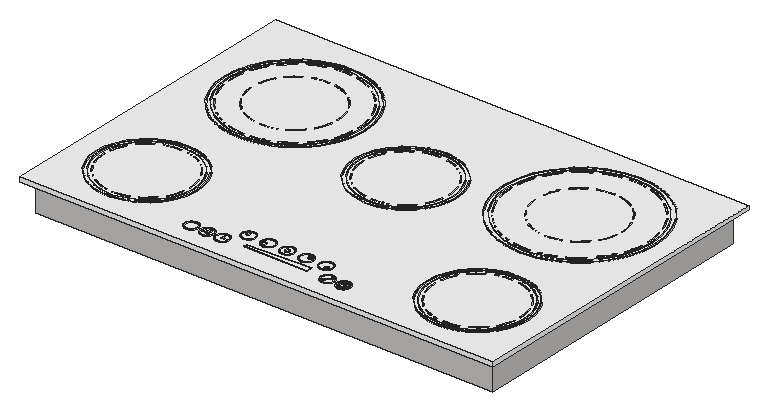
Revit family "QF_Summit_CR5B30T8W_5-Burner Radiant Cooktop", category Specialty Equipment, Revit 2020 (continued)
Forms (in)
  Extrusion 2, solid, material "QF_Plastic_White_Smooth"
    sketch origin (-1.19104, -180, 1.88) x (-1, 0, 0) y (0, -1, 0)
      loop
        arc (-29.71755, -174.97018) -> (-29.80587, -174.46391) -> (-29.83424, -173.95077) r 4.37679
      loop
        line (-29.56464, -172.45371) -> (-29.59396, -172.44291)
        arc (-29.59396, -172.44291) -> (-29.74482, -172.94171) -> (-29.83576, -173.45482) r 4.40804
        line (-29.83576, -173.45482) -> (-29.80472, -173.45844)
        arc (-29.80472, -173.45844) -> (-29.71442, -172.94897) -> (-29.56464, -172.45371) r 4.37679
      loop
        line (-29.41085, -172.01637) -> (-29.38282, -172.03019)
        arc (-29.38282, -172.03019) -> (-29.11629, -171.5642) -> (-28.79471, -171.13435) r 4.37679
        line (-28.79471, -171.13435) -> (-28.81688, -171.11218)
        arc (-28.81688, -171.11218) -> (-29.14171, -171.54598) -> (-29.41085, -172.01637) r 4.40804
      loop
        line (-28.49409, -170.77088) -> (-28.47199, -170.79298)
        arc (-28.47199, -170.79298) -> (-28.07295, -170.4568) -> (-27.63674, -170.17049) r 4.37679
        line (-27.63674, -170.17049) -> (-27.6523, -170.14339)
        arc (-27.6523, -170.14339) -> (-28.09195, -170.43198) -> (-28.49409, -170.77088) r 4.40804
      loop
        line (-27.23923, -169.93426) -> (-27.2266, -169.96284)
        arc (-27.2266, -169.96284) -> (-26.73196, -169.77903) -> (-26.2188, -169.65608) r 4.37679
        line (-26.2188, -169.65608) -> (-26.22423, -169.62531)
        arc (-26.22423, -169.62531) -> (-26.74106, -169.74914) -> (-27.23923, -169.93426) r 4.40804
      loop
        line (-25.77639, -169.56966) -> (-25.77639, -169.601)
        arc (-25.77639, -169.601) -> (-25.23488, -169.59503) -> (-24.69677, -169.65597) r 4.37679
        line (-24.69677, -169.65597) -> (-24.69134, -169.6252)
        arc (-24.69134, -169.6252) -> (-25.23215, -169.56387) -> (-25.77639, -169.56966) r 4.40804
      loop
        line (-24.24888, -169.72703) -> (-24.25745, -169.75709)
        arc (-24.25745, -169.75709) -> (-23.76119, -169.93144) -> (-23.28943, -170.16406) r 4.37679
        line (-23.28943, -170.16406) -> (-23.27395, -170.13691)
        arc (-23.27395, -170.13691) -> (-23.74908, -169.90263) -> (-24.24888, -169.72703) r 4.40804
      loop
        line (-22.88281, -170.38817) -> (-22.90106, -170.41354)
        arc (-22.90106, -170.41354) -> (-22.48301, -170.75541) -> (-22.11024, -171.14617) r 4.37679
        line (-22.11024, -171.14617) -> (-22.08806, -171.12399)
        arc (-22.08806, -171.12399) -> (-22.46275, -170.73158) -> (-22.88281, -170.38817) r 4.40804
      loop
        line (-21.34009, -172.48176) -> (-21.31069, -172.47116)
        arc (-21.31069, -172.47116) -> (-21.5263, -171.97198) -> (-21.80173, -171.50315) r 4.40804
        line (-21.80173, -171.50315) -> (-21.82765, -171.52061)
        arc (-21.82765, -171.52061) -> (-21.55417, -171.98612) -> (-21.34009, -172.48176) r 4.37679
      loop
        line (-23.11564, -175.34724) -> (-23.08872, -175.36311)
        arc (-23.08872, -175.36311) -> (-22.88069, -174.92672) -> (-22.7523, -174.46065) r 2.75
        line (-22.7523, -174.46065) -> (-22.78304, -174.45503)
        arc (-22.78304, -174.45503) -> (-22.90997, -174.91581) -> (-23.11564, -175.34724) r 2.71875
      loop
        line (-22.74401, -173.79661) -> (-22.7127, -173.79661)
        arc (-22.7127, -173.79661) -> (-22.76384, -173.41224) -> (-22.86852, -173.03889) r 2.75
        line (-22.86852, -173.03889) -> (-22.89794, -173.04942)
        arc (-22.89794, -173.04942) -> (-22.79464, -173.41759) -> (-22.74401, -173.79661) r 2.71875
      loop
        line (-23.70105, -171.85015) -> (-23.72101, -171.87419)
        arc (-23.72101, -171.87419) -> (-23.36969, -172.22467) -> (-23.08793, -172.63316) r 2.71875
        line (-23.08793, -172.63316) -> (-23.06069, -172.61784)
        arc (-23.06069, -172.61784) -> (-23.34569, -172.20465) -> (-23.70105, -171.85015) r 2.75
      loop
        line (-24.98486, -171.25707) -> (-24.99023, -171.28785)
        arc (-24.99023, -171.28785) -> (-24.51498, -171.41599) -> (-24.07063, -171.62772) r 2.71875
        line (-24.07063, -171.62772) -> (-24.05468, -171.60084)
        arc (-24.05468, -171.60084) -> (-24.50415, -171.38668) -> (-24.98486, -171.25707) r 2.75
      loop
        line (-26.39713, -171.38167) -> (-26.38645, -171.41104)
        arc (-26.38645, -171.41104) -> (-25.91966, -171.28698) -> (-25.43827, -171.24747) r 2.71875
        line (-25.43827, -171.24747) -> (-25.43827, -171.21622)
        arc (-25.43827, -171.21622) -> (-25.92508, -171.2562) -> (-26.39713, -171.38167) r 2.75
      loop
        line (-27.56589, -172.20063) -> (-27.54371, -172.22282)
        arc (-27.54371, -172.22282) -> (-27.20234, -171.8812) -> (-26.80591, -171.60537) r 2.71875
        line (-26.80591, -171.60537) -> (-26.82141, -171.57823)
        arc (-26.82141, -171.57823) -> (-27.22132, -171.85633) -> (-27.56589, -172.20063) r 2.75
      loop
        line (-28.17064, -173.51756) -> (-28.13981, -173.52266)
        arc (-28.13981, -173.52266) -> (-28.01487, -173.04348) -> (-27.80509, -172.59492) r 2.71875
        line (-27.80509, -172.59492) -> (-27.83208, -172.57916)
        arc (-27.83208, -172.57916) -> (-28.04427, -173.03288) -> (-28.17064, -173.51756) r 2.75
      loop
        line (-28.03039, -174.93702) -> (-28.00116, -174.92599)
        arc (-28.00116, -174.92599) -> (-28.1321, -174.45399) -> (-28.17622, -173.96615) r 2.71875
        line (-28.17622, -173.96615) -> (-28.20747, -173.96615)
        arc (-28.20747, -173.96615) -> (-28.16284, -174.45959) -> (-28.03039, -174.93702) r 2.75
      loop
        line (-27.18309, -176.10736) -> (-27.16348, -176.08302)
        arc (-27.16348, -176.08302) -> (-27.53449, -175.72046) -> (-27.82988, -175.29404) r 2.71875
        line (-27.82988, -175.29404) -> (-27.85715, -175.3093)
        arc (-27.85715, -175.3093) -> (-27.55836, -175.74063) -> (-27.18309, -176.10736) r 2.75
      loop
        line (-25.90779, -176.67903) -> (-25.90267, -176.6482)
        arc (-25.90267, -176.6482) -> (-26.38524, -176.5217) -> (-26.83658, -176.30916) r 2.71875
        line (-26.83658, -176.30916) -> (-26.85243, -176.33609)
        arc (-26.85243, -176.33609) -> (-26.39591, -176.55108) -> (-25.90779, -176.67903) r 2.75
      loop
        line (-25.52061, -176.68417) -> (-25.52061, -176.71543)
        arc (-25.52061, -176.71543) -> (-25.00022, -176.67787) -> (-24.49628, -176.5427) r 2.75
        line (-24.49628, -176.5427) -> (-24.5072, -176.51342)
        arc (-24.5072, -176.51342) -> (-25.00577, -176.64712) -> (-25.52061, -176.68417) r 2.71875
      loop
        line (-24.10736, -176.32598) -> (-24.09184, -176.35311)
        arc (-24.09184, -176.35311) -> (-23.68495, -176.06869) -> (-23.33583, -175.71576) r 2.75
        line (-23.33583, -175.71576) -> (-23.35993, -175.69587)
        arc (-23.35993, -175.69587) -> (-23.70509, -176.0448) -> (-24.10736, -176.32598) r 2.71875
      loop
        circle (-26.91382, -163.96941) r 3.25
      loop
        circle (-26.91382, -163.96941) r 3.1875
      loop
        circle (-26.91382, -163.96941) r 3.01918
      loop
        circle (-26.91382, -163.96941) r 2.98793
      loop
        line (-28.68474, -166.10724) -> (-28.66255, -166.08504)
        arc (-28.66255, -166.08504) -> (-29.02055, -165.72885) -> (-29.30724, -165.31309) r 2.7448
        line (-29.30724, -165.31309) -> (-29.33449, -165.32839)
        arc (-29.33449, -165.32839) -> (-29.04549, -165.74774) -> (-28.68474, -166.10724) r 2.77605
      loop
        line (-29.52935, -164.89972) -> (-29.49991, -164.88925)
        arc (-29.49991, -164.88925) -> (-29.62036, -164.42616) -> (-29.65855, -163.9492) r 2.7448
        line (-29.65855, -163.9492) -> (-29.6898, -163.9492)
        arc (-29.6898, -163.9492) -> (-29.65115, -164.43148) -> (-29.52935, -164.89972) r 2.77605
      loop
        line (-29.64965, -163.49854) -> (-29.61885, -163.50384)
        arc (-29.61885, -163.50384) -> (-29.49229, -163.02843) -> (-29.2829, -162.58326) r 2.7448
        line (-29.2829, -162.58326) -> (-29.30987, -162.56748)
        arc (-29.30987, -162.56748) -> (-29.52165, -163.01772) -> (-29.64965, -163.49854) r 2.77605
      loop
        line (-29.04187, -162.18675) -> (-29.01969, -162.20893)
        arc (-29.01969, -162.20893) -> (-28.68198, -161.86999) -> (-28.29055, -161.59484) r 2.7448
        line (-28.29055, -161.59484) -> (-28.30622, -161.56781)
        arc (-28.30622, -161.56781) -> (-28.70104, -161.84519) -> (-29.04187, -162.18675) r 2.77605
      loop
        line (-27.87922, -161.36663) -> (-27.86835, -161.39592)
        arc (-27.86835, -161.39592) -> (-27.40398, -161.26873) -> (-26.92453, -161.22463) r 2.7448
        line (-26.92453, -161.22463) -> (-26.92453, -161.19338)
        arc (-26.92453, -161.19338) -> (-27.4095, -161.23797) -> (-27.87922, -161.36663) r 2.77605
      loop
        line (-26.49026, -161.22586) -> (-26.49503, -161.25674)
        arc (-26.49503, -161.25674) -> (-25.98423, -161.38681) -> (-25.50771, -161.61212) r 2.7448
        line (-25.50771, -161.61212) -> (-25.4917, -161.58529)
        arc (-25.4917, -161.58529) -> (-25.97365, -161.35741) -> (-26.49026, -161.22586) r 2.77605
      loop
        line (-25.14856, -161.82691) -> (-25.17076, -161.84911)
        arc (-25.17076, -161.84911) -> (-24.80855, -162.20822) -> (-24.51904, -162.62815) r 2.7448
        line (-24.51904, -162.62815) -> (-24.49178, -162.61288)
        arc (-24.49178, -162.61288) -> (-24.7836, -162.18934) -> (-25.14856, -161.82691) r 2.77605
      loop
        line (-24.30689, -163.01529) -> (-24.33623, -163.02603)
        arc (-24.33623, -163.02603) -> (-24.20809, -163.50792) -> (-24.16925, -164.00505) r 2.7448
        line (-24.16925, -164.00505) -> (-24.138, -164.00505)
        arc (-24.138, -164.00505) -> (-24.17732, -163.50247) -> (-24.30689, -163.01529) r 2.77605
      loop
        line (-24.17765, -164.43824) -> (-24.20845, -164.43296)
        arc (-24.20845, -164.43296) -> (-24.33629, -164.91294) -> (-24.54854, -165.36203) r 2.7448
        line (-24.54854, -165.36203) -> (-24.52161, -165.37788)
        arc (-24.52161, -165.37788) -> (-24.30694, -164.92369) -> (-24.17765, -164.43824) r 2.77605
      loop
        line (-24.77796, -165.74269) -> (-24.802, -165.72273)
        arc (-24.802, -165.72273) -> (-25.13819, -166.06251) -> (-25.52822, -166.33881) r 2.7448
        line (-25.52822, -166.33881) -> (-25.51245, -166.36578)
        arc (-25.51245, -166.36578) -> (-25.11797, -166.08634) -> (-24.77796, -165.74269) r 2.77605
      loop
        line (-25.95488, -166.57458) -> (-25.96568, -166.54525)
        arc (-25.96568, -166.54525) -> (-26.44703, -166.67423) -> (-26.94377, -166.71405) r 2.7448
        line (-26.94377, -166.71405) -> (-26.94377, -166.7453)
        arc (-26.94377, -166.7453) -> (-26.44155, -166.70499) -> (-25.95488, -166.57458) r 2.77605
      loop
        line (-27.41462, -166.69992) -> (-27.40899, -166.66918)
        arc (-27.40899, -166.66918) -> (-27.87154, -166.54171) -> (-28.30483, -166.33564) r 2.7448
        line (-28.30483, -166.33564) -> (-28.32067, -166.36258)
        arc (-28.32067, -166.36258) -> (-27.88244, -166.57099) -> (-27.41462, -166.69992) r 2.77605
    from 0 to 0.25
  Extrusion 3, solid, material "QF_Metal_Stainless_Polished"
    sketch origin (-2.73972, -180, 0) x (0, -1, 0) y (-1, 0, 0)
      loop
        line (-160.1875, -3.30222) -> (-179.3125, -3.30222) -> (-179.3125, -32.42722) -> (-160.1875, -32.42722) -> (-160.1875, -3.30222)
    from 0 to -0.0625
  Extrusion 4, solid, material "QF_Metal_Stainless_Polished"
    sketch origin (-12.87514, 0, 0) x (1, 0, 0) y (0, 1, 0)
      loop
        circle (28.00014, -0.98525) r 0.125
    from 0 to -1
  Extrusion 5, solid, material "QF_Metal_Stainless_Polished"
    sketch origin (-2.73972, -180, -0.12) x (-1, 0, 0) y (0, -1, 0)
      loop
        line (-3.23972, -179.375) -> (-3.23972, -160.125) -> (-32.48972, -160.125) -> (-32.48972, -179.375) -> (-3.23972, -179.375)
      loop
        line (-3.30222, -160.1875) -> (-32.42722, -160.1875) -> (-32.42722, -179.3125) -> (-3.30222, -179.3125) -> (-3.30222, -160.1875)
    from 0.12 to 2
  Extrusion 6, solid, material "QF_Plastic_White_Smooth"
    sketch origin (1.30896, -180, 1.88) x (-1, 0, 0) y (0, -1, 0)
      loop
        circle (-11.33221, -161.9833) r 0.42869
      loop
        circle (-11.33221, -161.9833) r 0.39744
      loop
        circle (-11.17116, -162.14539) r 0.13534
      loop
        circle (-12.43549, -161.82122) r 0.13534
      loop
        circle (-12.59654, -161.9833) r 0.39744
      loop
        circle (-12.59654, -161.9833) r 0.42869
      loop
        circle (-13.81604, -161.9833) r 0.42869
      loop
        circle (-13.81604, -161.9833) r 0.39744
      loop
        circle (-13.81604, -161.9833) r 0.13534
      loop
        circle (-15.03553, -161.9833) r 0.42869
      loop
        circle (-15.03553, -161.9833) r 0.39744
      loop
        circle (-15.19659, -162.14539) r 0.13534
      loop
        circle (-16.29986, -161.9833) r 0.42869
      loop
        circle (-16.29986, -161.9833) r 0.39744
      loop
        circle (-16.46092, -161.82122) r 0.13534
      loop
        circle (-8.46353, -160.98371) r 0.42869
      loop
        circle (-8.46353, -160.98371) r 0.36619
      loop
        circle (-9.46353, -160.98371) r 0.42869
      loop
        circle (-9.46353, -160.98371) r 0.39744
      loop
        line (-9.22936, -161.13767) -> (-9.22936, -160.86031) -> (-9.47955, -160.99899) -> (-9.22936, -161.13767)
      loop
        line (-9.50568, -160.81214) -> (-9.63429, -160.81214) -> (-9.63429, -161.18585) -> (-9.50568, -161.18585) -> (-9.50568, -160.81214)
      loop
        circle (-10.45771, -160.98371) r 0.42869
      loop
        circle (-10.45771, -160.98371) r 0.39744
      loop
        line (-10.40642, -160.93163) -> (-10.78511, -160.9984) -> (-10.47595, -161.02545) -> (-10.44014, -161.31706) -> (-10.40642, -160.93163)
      loop
        line (-15.85973, -160.96725) -> (-15.85973, -161.38465) -> (-11.82904, -161.18247) -> (-11.82904, -160.96725) -> (-15.85973, -160.96725)
      loop
        circle (-17.19862, -160.98371) r 0.42869
      loop
        circle (-17.19862, -160.98371) r 0.39744
      loop
        line (-16.95826, -160.78859) -> (-17.00229, -160.74456) -> (-17.36411, -161.10638)
        arc (-17.36411, -161.10638) -> (-17.43915, -161.22545) -> (-17.32008, -161.15041) r 0.07216
        line (-17.32008, -161.15041) -> (-16.95826, -160.78859)
      loop
        circle (-18.22179, -160.98371) r 0.42869
      loop
        circle (-18.22179, -160.98371) r 0.36619
      loop
        line (-18.26744, -161.2295) -> (-18.26744, -161.31685) -> (-18.17614, -161.31685) -> (-18.17614, -161.2295)
        arc (-18.17614, -161.2295) -> (-18.22179, -160.73371) -> (-18.26744, -161.2295) r 0.25
      loop
        arc (-18.17614, -161.16556) -> (-18.22179, -160.79621) -> (-18.26744, -161.16556) r 0.1875
        line (-18.26744, -161.16556) -> (-18.26744, -161.03933) -> (-18.17614, -161.03933) -> (-18.17614, -161.16556)
    from 0 to 0.25
Lines and regions (in)
  symbolic lines
    curve 1: line (0, 0, 0) -> (0, -20.5, 0)
    curve 2: line (0, -20.5, 0) -> (30.25, -20.5, 0)
    curve 3: line (30.25, -20.5, 0) -> (30.25, 0, 0)
    curve 4: line (30.25, 0, 0) -> (0, 0, 0)
    curve 5: arc (10.51644, -6.03385, 0) -> (6.01644, -1.53385, 0) -> (1.51644, -6.03385, 0) r 4.5
    curve 6: arc (1.51644, -6.03385, 0) -> (6.01644, -10.53385, 0) -> (10.51644, -6.03385, 0) r 4.5
    curve 7: arc (10.45394, -6.03385, 0) -> (6.01644, -1.59635, 0) -> (1.57894, -6.03385, 0) r 4.4375
    curve 8: arc (1.57894, -6.03385, 0) -> (6.01644, -10.47135, 0) -> (10.45394, -6.03385, 0) r 4.4375
    curve 9: arc (10.26644, -6.03385, 0) -> (6.01644, -1.78385, 0) -> (1.76644, -6.03385, 0) r 4.25
    curve 10: arc (1.76644, -6.03385, 0) -> (6.01644, -10.28385, 0) -> (10.26644, -6.03385, 0) r 4.25
    curve 11: arc (10.23519, -6.03385, 0) -> (6.01644, -1.8151, 0) -> (1.79769, -6.03385, 0) r 4.21875
    curve 12: arc (1.79769, -6.03385, 0) -> (6.01644, -10.2526, 0) -> (10.23519, -6.03385, 0) r 4.21875
    curve 13: arc (2.02734, -6.78543, 0) -> (2.15398, -7.28252, 0) -> (2.3423, -7.75968, 0) r 4.05928
    curve 14: line (2.3423, -7.75968, 0) -> (2.37059, -7.74639, 0)
    curve 15: arc (2.37059, -7.74639, 0) -> (2.18372, -7.27291, 0) -> (2.05805, -6.77964, 0) r 4.02803
    curve 16: line (2.05805, -6.77964, 0) -> (2.02734, -6.78543, 0)
    curve 17: arc (2.0379, -5.22825, 0) -> (1.96666, -5.75623, 0) -> (1.96518, -6.289, 0) r 4.05928
    curve 18: line (1.96518, -6.289, 0) -> (1.9965, -6.289, 0)
    curve 19: arc (1.9965, -6.289, 0) -> (1.99777, -5.75935, 0) -> (2.06853, -5.23445, 0) r 4.02803
    curve 20: line (2.06853, -5.23445, 0) -> (2.0379, -5.22825, 0)
    curve 21: arc (2.58802, -3.86044, 0) -> (2.34102, -4.31075, 0) -> (2.15286, -4.78863, 0) r 4.05928
    curve 22: line (2.15286, -4.78863, 0) -> (2.18261, -4.79822, 0)
    curve 23: arc (2.18261, -4.79822, 0) -> (2.36932, -4.32401, 0) -> (2.61441, -3.87718, 0) r 4.02803
    curve 24: line (2.61441, -3.87718, 0) -> (2.58802, -3.86044, 0)
    curve 25: arc (3.60186, -2.77079, 0) -> (3.20018, -3.11042, 0) -> (2.8458, -3.49913, 0) r 4.05928
    curve 26: line (2.8458, -3.49913, 0) -> (2.87021, -3.51864, 0)
    curve 27: arc (2.87021, -3.51864, 0) -> (3.22186, -3.13292, 0) -> (3.62045, -2.79591, 0) r 4.02803
    curve 28: line (3.62045, -2.79591, 0) -> (3.60186, -2.77079, 0)
    curve 29: arc (4.92603, -2.12376, 0) -> (4.45199, -2.28815, 0) -> (4.00185, -2.50976, 0) r 4.05928
    curve 30: line (4.00185, -2.50976, 0) -> (4.01736, -2.53689, 0)
    curve 31: arc (4.01736, -2.53689, 0) -> (4.46403, -2.31698, 0) -> (4.93442, -2.15386, 0) r 4.02803
    curve 32: line (4.93442, -2.15386, 0) -> (4.92603, -2.12376, 0)
    curve 33: arc (6.45969, -1.99884, 0) -> (5.93001, -1.97549, 0) -> (5.40181, -2.02137, 0) r 4.05928
    curve 34: line (5.40181, -2.02137, 0) -> (5.40654, -2.05226, 0)
    curve 35: arc (5.40654, -2.05226, 0) -> (5.93068, -2.00673, 0) -> (6.45627, -2.0299, 0) r 4.02803
    curve 36: line (6.45627, -2.0299, 0) -> (6.45969, -1.99884, 0)
    curve 37: arc (7.87757, -2.42636, 0) -> (7.38836, -2.21343, 0) -> (6.87545, -2.0665, 0) r 4.05928
    curve 38: line (6.87545, -2.0665, 0) -> (6.86884, -2.09704, 0)
    curve 39: arc (6.86884, -2.09704, 0) -> (7.3778, -2.24284, 0) -> (7.86324, -2.45414, 0) r 4.02803
    curve 40: line (7.86324, -2.45414, 0) -> (7.87757, -2.42636, 0)
    curve 41: arc (9.01773, -3.30072, 0) -> (8.66956, -2.9616, 0) -> (8.28335, -2.66653, 0) r 4.05928
    curve 42: line (8.28335, -2.66653, 0) -> (8.2659, -2.69245, 0)
    curve 43: arc (8.2659, -2.69245, 0) -> (8.64969, -2.98573, 0) -> (8.99561, -3.32284, 0) r 4.02803
    curve 44: line (8.99561, -3.32284, 0) -> (9.01773, -3.30072, 0)
    curve 45: arc (9.80647, -4.5801, 0) -> (9.5899, -4.1082, 0) -> (9.31486, -3.66781, 0) r 4.05928
    curve 46: line (9.31486, -3.66781, 0) -> (9.28947, -3.68602, 0)
    curve 47: arc (9.28947, -3.68602, 0) -> (9.56239, -4.12302, 0) -> (9.77729, -4.59129, 0) r 4.02803
    curve 48: line (9.77729, -4.59129, 0) -> (9.80647, -4.5801, 0)
    curve 49: arc (10.07572, -6.03385, 0) -> (10.04382, -5.52601, 0) -> (9.94865, -5.02616, 0) r 4.05928
    curve 50: line (9.94865, -5.02616, 0) -> (9.91838, -5.03391, 0)
    curve 51: arc (9.91838, -5.03391, 0) -> (10.01282, -5.52992, 0) -> (10.04447, -6.03385, 0) r 4.02803
    curve 52: line (10.04447, -6.03385, 0) -> (10.07572, -6.03385, 0)
    curve 53: arc (9.80058, -7.50287, 0) -> (9.95847, -7.0024, 0) -> (10.05048, -6.48575, 0) r 4.05928
    curve 54: line (10.05048, -6.48575, 0) -> (10.01943, -6.48227, 0)
    curve 55: arc (10.01943, -6.48227, 0) -> (9.92812, -6.99495, 0) -> (9.77145, -7.49156, 0) r 4.02803
    curve 56: line (9.77145, -7.49156, 0) -> (9.80058, -7.50287, 0)
    curve 57: arc (9.01394, -8.77113, 0) -> (9.33301, -8.37438, 0) -> (9.5999, -7.94081, 0) r 4.05928
    curve 58: line (9.5999, -7.94081, 0) -> (9.57232, -7.92613, 0)
    curve 59: arc (9.57232, -7.92613, 0) -> (9.30789, -8.35578, 0) -> (8.99182, -8.74901, 0) r 4.02803
    curve 60: line (8.99182, -8.74901, 0) -> (9.01394, -8.77113, 0)
    curve 61: arc (7.83314, -9.66391, 0) -> (8.27477, -9.40693, 0) -> (8.68062, -9.09651, 0) r 4.05928
    curve 62: line (8.68062, -9.09651, 0) -> (8.65847, -9.07435, 0)
    curve 63: arc (8.65847, -9.07435, 0) -> (8.25648, -9.38156, 0) -> (7.81916, -9.63596, 0) r 4.02803
    curve 64: line (7.81916, -9.63596, 0) -> (7.83314, -9.66391, 0)
    curve 65: arc (6.39074, -10.07583, 0) -> (6.92863, -9.9893, 0) -> (7.4501, -9.83153, 0) r 4.05928
    curve 66: line (7.4501, -9.83153, 0) -> (7.43906, -9.80229, 0)
    curve 67: arc (7.43906, -9.80229, 0) -> (6.92161, -9.95885, 0) -> (6.38785, -10.04472, 0) r 4.02803
    curve 68: line (6.38785, -10.04472, 0) -> (6.39074, -10.07583, 0)
    curve 69: arc (4.89912, -9.93633, 0) -> (5.42832, -10.0503, 0) -> (5.96799, -10.09284, 0) r 4.05928
    curve 70: line (5.96799, -10.09284, 0) -> (5.96799, -10.06159, 0)
    curve 71: arc (5.96799, -10.06159, 0) -> (5.43267, -10.01935, 0) -> (4.90772, -9.90628, 0) r 4.02803
    curve 72: line (4.90772, -9.90628, 0) -> (4.89912, -9.93633, 0)
    curve 73: arc (3.58227, -9.28232, 0) -> (4.02315, -9.57003, 0) -> (4.49755, -9.79825, 0) r 4.05928
    curve 74: line (4.49755, -9.79825, 0) -> (4.50924, -9.76927, 0)
    curve 75: arc (4.50924, -9.76927, 0) -> (4.0385, -9.5428, 0) -> (3.60101, -9.25732, 0) r 4.02803
    curve 76: line (3.60101, -9.25732, 0) -> (3.58227, -9.28232, 0)
    curve 77: arc (2.56268, -8.16675, 0) -> (2.8635, -8.59055, 0) -> (3.216, -8.97244, 0) r 4.05928
    curve 78: line (3.216, -8.97244, 0) -> (3.23811, -8.95034, 0)
    curve 79: arc (3.23811, -8.95034, 0) -> (2.88801, -8.57116, 0) -> (2.58926, -8.15033, 0) r 4.02803
    curve 80: line (2.58926, -8.15033, 0) -> (2.56268, -8.16675, 0)
    curve 81: arc (3.64768, -4.63689, 0) -> (3.43965, -5.07328, 0) -> (3.31126, -5.53935, 0) r 2.75
    curve 82: line (3.31126, -5.53935, 0) -> (3.342, -5.54497, 0)
    curve 83: arc (3.342, -5.54497, 0) -> (3.46894, -5.08419, 0) -> (3.6746, -4.65276, 0) r 2.71875
    curve 84: line (3.6746, -4.65276, 0) -> (3.64768, -4.63689, 0)
    curve 85: arc (4.6508, -3.64689, 0) -> (4.24391, -3.93131, 0) -> (3.89479, -4.28424, 0) r 2.75
    curve 86: line (3.89479, -4.28424, 0) -> (3.9189, -4.30413, 0)
    curve 87: arc (3.9189, -4.30413, 0) -> (4.26406, -3.9552, 0) -> (4.66632, -3.67402, 0) r 2.71875
    curve 88: line (4.66632, -3.67402, 0) -> (4.6508, -3.64689, 0)
    curve 89: arc (6.07958, -3.28457, 0) -> (5.55918, -3.32213, 0) -> (5.05524, -3.4573, 0) r 2.75
    curve 90: line (5.05524, -3.4573, 0) -> (5.06616, -3.48658, 0)
    curve 91: arc (5.06616, -3.48658, 0) -> (5.56473, -3.35288, 0) -> (6.07958, -3.31583, 0) r 2.71875
    curve 92: line (6.07958, -3.31583, 0) -> (6.07958, -3.28457, 0)
    curve 93: arc (7.41139, -3.66391, 0) -> (6.95487, -3.44892, 0) -> (6.46675, -3.32097, 0) r 2.75
    curve 94: line (6.46675, -3.32097, 0) -> (6.46163, -3.3518, 0)
    curve 95: arc (6.46163, -3.3518, 0) -> (6.94421, -3.4783, 0) -> (7.39554, -3.69084, 0) r 2.71875
    curve 96: line (7.39554, -3.69084, 0) -> (7.41139, -3.66391, 0)
    curve 97: arc (8.41612, -4.6907, 0) -> (8.11733, -4.25937, 0) -> (7.74205, -3.89264, 0) r 2.75
    curve 98: line (7.74205, -3.89264, 0) -> (7.72244, -3.91698, 0)
    curve 99: arc (7.72244, -3.91698, 0) -> (8.09345, -4.27954, 0) -> (8.38885, -4.70596, 0) r 2.71875
    curve 100: line (8.38885, -4.70596, 0) -> (8.41612, -4.6907, 0)
    curve 101: arc (8.76644, -6.03385, 0) -> (8.7218, -5.54041, 0) -> (8.58936, -5.06298, 0) r 2.75
    curve 102: line (8.58936, -5.06298, 0) -> (8.56012, -5.07401, 0)
    curve 103: arc (8.56012, -5.07401, 0) -> (8.69106, -5.54601, 0) -> (8.73519, -6.03385, 0) r 2.71875
    curve 104: line (8.73519, -6.03385, 0) -> (8.76644, -6.03385, 0)
    curve 105: arc (8.39104, -7.42084, 0) -> (8.60323, -6.96712, 0) -> (8.7296, -6.48244, 0) r 2.75
    curve 106: line (8.7296, -6.48244, 0) -> (8.69877, -6.47734, 0)
    curve 107: arc (8.69877, -6.47734, 0) -> (8.57383, -6.95652, 0) -> (8.36406, -7.40508, 0) r 2.71875
    curve 108: line (8.36406, -7.40508, 0) -> (8.39104, -7.42084, 0)
    curve 109: arc (7.38037, -8.42177, 0) -> (7.78029, -8.14367, 0) -> (8.12486, -7.79937, 0) r 2.75
    curve 110: line (8.12486, -7.79937, 0) -> (8.10267, -7.77718, 0)
    curve 111: arc (8.10267, -7.77718, 0) -> (7.7613, -8.1188, 0) -> (7.36487, -8.39463, 0) r 2.71875
    curve 112: line (7.36487, -8.39463, 0) -> (7.38037, -8.42177, 0)
    curve 113: arc (5.99723, -8.78378, 0) -> (6.48404, -8.7438, 0) -> (6.9561, -8.61833, 0) r 2.75
    curve 114: line (6.9561, -8.61833, 0) -> (6.94542, -8.58896, 0)
    curve 115: arc (6.94542, -8.58896, 0) -> (6.47862, -8.71302, 0) -> (5.99723, -8.75253, 0) r 2.71875
    curve 116: line (5.99723, -8.75253, 0) -> (5.99723, -8.78378, 0)
    curve 117: arc (4.61365, -8.39916, 0) -> (5.06311, -8.61332, 0) -> (5.54382, -8.74293, 0) r 2.75
    curve 118: line (5.54382, -8.74293, 0) -> (5.54919, -8.71215, 0)
    curve 119: arc (5.54919, -8.71215, 0) -> (5.07394, -8.58401, 0) -> (4.62959, -8.37228, 0) r 2.71875
    curve 120: line (4.62959, -8.37228, 0) -> (4.61365, -8.39916, 0)
    curve 121: arc (3.61966, -7.38216, 0) -> (3.90466, -7.79535, 0) -> (4.26001, -8.14985, 0) r 2.75
    curve 122: line (4.26001, -8.14985, 0) -> (4.27997, -8.12581, 0)
    curve 123: arc (4.27997, -8.12581, 0) -> (3.92866, -7.77533, 0) -> (3.64689, -7.36684, 0) r 2.71875
    curve 124: line (3.64689, -7.36684, 0) -> (3.61966, -7.38216, 0)
    curve 125: arc (3.27167, -6.20339, 0) -> (3.3228, -6.58776, 0) -> (3.42748, -6.96111, 0) r 2.75
    curve 126: line (3.42748, -6.96111, 0) -> (3.4569, -6.95058, 0)
    curve 127: arc (3.4569, -6.95058, 0) -> (3.3536, -6.58241, 0) -> (3.30298, -6.20339, 0) r 2.71875
    curve 128: line (3.30298, -6.20339, 0) -> (3.27167, -6.20339, 0)
    curve 129: arc (29.14144, -6.03385, 0) -> (24.26644, -1.15885, 0) -> (19.39144, -6.03385, 0) r 4.875
    curve 130: arc (19.39144, -6.03385, 0) -> (24.26644, -10.90885, 0) -> (29.14144, -6.03385, 0) r 4.875
    curve 131: arc (19.45394, -6.03385, 0) -> (24.26644, -1.22135, 0) -> (29.07894, -6.03385, 0) r 4.8125
    curve 132: arc (29.07894, -6.03385, 0) -> (24.26644, -10.84635, 0) -> (19.45394, -6.03385, 0) r 4.8125
    curve 133: arc (28.8696, -6.03385, 0) -> (24.26644, -1.43068, 0) -> (19.66327, -6.03385, 0) r 4.60317
    curve 134: arc (19.66327, -6.03385, 0) -> (24.26644, -10.63701, 0) -> (28.8696, -6.03385, 0) r 4.60317
    curve 135: arc (19.69452, -6.03385, 0) -> (24.26644, -1.46193, 0) -> (28.83835, -6.03385, 0) r 4.57192
    curve 136: arc (28.83835, -6.03385, 0) -> (24.26644, -10.60576, 0) -> (19.69452, -6.03385, 0) r 4.57192
    curve 137: arc (19.85849, -6.0052, 0) -> (19.88914, -6.55357, 0) -> (19.98775, -7.09386, 0) r 4.40804
    curve 138: line (19.98775, -7.09386, 0) -> (20.01808, -7.08635, 0)
    curve 139: arc (20.01808, -7.08635, 0) -> (19.92016, -6.54978, 0) -> (19.88974, -6.0052, 0) r 4.37679
    curve 140: line (19.88974, -6.0052, 0) -> (19.85849, -6.0052, 0)
    curve 141: arc (20.13919, -4.48574, 0) -> (19.98029, -5.0044, 0) -> (19.8863, -5.53864, 0) r 4.40804
    curve 142: line (19.8863, -5.53864, 0) -> (19.91735, -5.54215, 0)
    curve 143: arc (19.91735, -5.54215, 0) -> (20.01068, -5.01169, 0) -> (20.16845, -4.49671, 0) r 4.37679
    curve 144: line (20.16845, -4.49671, 0) -> (20.13919, -4.48574, 0)
    curve 145: arc (20.34405, -4.09189, 0) -> (20.60728, -3.63242, 0) -> (20.92407, -3.2081, 0) r 4.37679
    curve 146: line (20.92407, -3.2081, 0) -> (20.9002, -3.18792, 0)
    curve 147: arc (20.9002, -3.18792, 0) -> (20.58115, -3.61527, 0) -> (20.31605, -4.07802, 0) r 4.40804
    curve 148: line (20.31605, -4.07802, 0) -> (20.34405, -4.09189, 0)
    curve 149: arc (22.06517, -2.21478, 0) -> (21.62934, -2.50163, 0) -> (21.23046, -2.83796, 0) r 4.40804
    curve 150: line (21.23046, -2.83796, 0) -> (21.25257, -2.86007, 0)
    curve 151: arc (21.25257, -2.86007, 0) -> (21.64836, -2.52643, 0) -> (22.08077, -2.24186, 0) r 4.37679
    curve 152: line (22.08077, -2.24186, 0) -> (22.06517, -2.21478, 0)
    curve 153: arc (23.52643, -1.68837, 0) -> (23.00537, -1.81004, 0) -> (22.5029, -1.99395, 0) r 4.40804
    curve 154: line (22.5029, -1.99395, 0) -> (22.5154, -2.02259, 0)
    curve 155: arc (22.5154, -2.02259, 0) -> (23.01431, -1.83998, 0) -> (23.53167, -1.71917, 0) r 4.37679
    curve 156: line (23.53167, -1.71917, 0) -> (23.52643, -1.68837, 0)
    curve 157: arc (25.05388, -1.69671, 0) -> (24.5256, -1.63343, 0) -> (23.99354, -1.63426, 0) r 4.40804
    curve 158: line (23.99354, -1.63426, 0) -> (23.99547, -1.66545, 0)
    curve 159: arc (23.99547, -1.66545, 0) -> (24.52376, -1.66463, 0) -> (25.04829, -1.72746, 0) r 4.37679
    curve 160: line (25.04829, -1.72746, 0) -> (25.05388, -1.69671, 0)
    curve 161: arc (26.50904, -2.23891, 0) -> (26.0225, -1.9907, 0) -> (25.509, -1.80456, 0) r 4.40804
    curve 162: line (25.509, -1.80456, 0) -> (25.5002, -1.83455, 0)
    curve 163: arc (25.5002, -1.83455, 0) -> (26.01005, -2.01936, 0) -> (26.49314, -2.26581, 0) r 4.37679
    curve 164: line (26.49314, -2.26581, 0) -> (26.50904, -2.23891, 0)
    curve 165: arc (27.66008, -3.22067, 0) -> (27.27958, -2.81643, 0) -> (26.85129, -2.46322, 0) r 4.40804
    curve 166: line (26.85129, -2.46322, 0) -> (26.82891, -2.4856, 0)
    curve 167: arc (26.82891, -2.4856, 0) -> (27.25639, -2.83753, 0) -> (27.63602, -3.24061, 0) r 4.37679
    curve 168: line (27.63602, -3.24061, 0) -> (27.66008, -3.22067, 0)
    curve 169: arc (28.41702, -4.54943, 0) -> (28.20479, -4.05389, 0) -> (27.93366, -3.58797, 0) r 4.40804
    curve 170: line (27.93366, -3.58797, 0) -> (27.90766, -3.60531, 0)
    curve 171: arc (27.90766, -3.60531, 0) -> (28.17687, -4.06793, 0) -> (28.38759, -4.55995, 0) r 4.37679
    curve 172: line (28.38759, -4.55995, 0) -> (28.41702, -4.54943, 0)
    curve 173: arc (28.67445, -6.04923, 0) -> (28.64587, -5.53249, 0) -> (28.55693, -5.02265, 0) r 4.40804
    curve 174: line (28.55693, -5.02265, 0) -> (28.52651, -5.02982, 0)
    curve 175: arc (28.52651, -5.02982, 0) -> (28.61483, -5.53609, 0) -> (28.6432, -6.04923, 0) r 4.37679
    curve 176: line (28.6432, -6.04923, 0) -> (28.67445, -6.04923, 0)
    curve 177: arc (28.40293, -7.55709, 0) -> (28.55378, -7.05829, 0) -> (28.64472, -6.54518, 0) r 4.40804
    curve 178: line (28.64472, -6.54518, 0) -> (28.61368, -6.54156, 0)
    curve 179: arc (28.61368, -6.54156, 0) -> (28.52339, -7.05103, 0) -> (28.3736, -7.54629, 0) r 4.37679
    curve 180: line (28.3736, -7.54629, 0) -> (28.40293, -7.55709, 0)
    curve 181: arc (27.62585, -8.88782, 0) -> (27.95067, -8.45402, 0) -> (28.21981, -7.98363, 0) r 4.40804
    curve 182: line (28.21981, -7.98363, 0) -> (28.19178, -7.96981, 0)
    curve 183: arc (28.19178, -7.96981, 0) -> (27.92525, -8.4358, 0) -> (27.60368, -8.86565, 0) r 4.37679
    curve 184: line (27.60368, -8.86565, 0) -> (27.62585, -8.88782, 0)
    curve 185: arc (26.46127, -9.85661, 0) -> (26.90091, -9.56802, 0) -> (27.30305, -9.22912, 0) r 4.40804
    curve 186: line (27.30305, -9.22912, 0) -> (27.28095, -9.20702, 0)
    curve 187: arc (27.28095, -9.20702, 0) -> (26.88191, -9.5432, 0) -> (26.44571, -9.82951, 0) r 4.37679
    curve 188: line (26.44571, -9.82951, 0) -> (26.46127, -9.85661, 0)
    curve 189: arc (25.0332, -10.37469, 0) -> (25.55002, -10.25086, 0) -> (26.04819, -10.06574, 0) r 4.40804
    curve 190: line (26.04819, -10.06574, 0) -> (26.03556, -10.03716, 0)
    curve 191: arc (26.03556, -10.03716, 0) -> (25.54092, -10.22097, 0) -> (25.02776, -10.34392, 0) r 4.37679
    curve 192: line (25.02776, -10.34392, 0) -> (25.0332, -10.37469, 0)
    curve 193: arc (23.50031, -10.3748, 0) -> (24.04111, -10.43613, 0) -> (24.58535, -10.43034, 0) r 4.40804
    curve 194: line (24.58535, -10.43034, 0) -> (24.58535, -10.399, 0)
    curve 195: arc (24.58535, -10.399, 0) -> (24.04384, -10.40497, 0) -> (23.50574, -10.34403, 0) r 4.37679
    curve 196: line (23.50574, -10.34403, 0) -> (23.50031, -10.3748, 0)
    curve 197: arc (22.08292, -9.86309, 0) -> (22.55804, -10.09737, 0) -> (23.05784, -10.27297, 0) r 4.40804
    curve 198: line (23.05784, -10.27297, 0) -> (23.06641, -10.24291, 0)
    curve 199: arc (23.06641, -10.24291, 0) -> (22.57015, -10.06856, 0) -> (22.0984, -9.83594, 0) r 4.37679
    curve 200: line (22.0984, -9.83594, 0) -> (22.08292, -9.86309, 0)
    curve 201: arc (20.89702, -8.87601, 0) -> (21.27171, -9.26842, 0) -> (21.69177, -9.61183, 0) r 4.40804
    curve 202: line (21.69177, -9.61183, 0) -> (21.71002, -9.58646, 0)
    curve 203: arc (21.71002, -9.58646, 0) -> (21.29197, -9.24459, 0) -> (20.9192, -8.85383, 0) r 4.37679
    curve 204: line (20.9192, -8.85383, 0) -> (20.89702, -8.87601, 0)
    curve 205: arc (20.11965, -7.52884, 0) -> (20.33527, -8.02802, 0) -> (20.6107, -8.49685, 0) r 4.40804
    curve 206: line (20.6107, -8.49685, 0) -> (20.63661, -8.47939, 0)
    curve 207: arc (20.63661, -8.47939, 0) -> (20.36313, -8.01388, 0) -> (20.14905, -7.51824, 0) r 4.37679
    curve 208: line (20.14905, -7.51824, 0) -> (20.11965, -7.52884, 0)
    curve 209: arc (21.86966, -7.38216, 0) -> (22.15466, -7.79535, 0) -> (22.51001, -8.14985, 0) r 2.75
    curve 210: line (22.51001, -8.14985, 0) -> (22.52997, -8.12581, 0)
    curve 211: arc (22.52997, -8.12581, 0) -> (22.17866, -7.77533, 0) -> (21.89689, -7.36684, 0) r 2.71875
    curve 212: line (21.89689, -7.36684, 0) -> (21.86966, -7.38216, 0)
    curve 213: arc (22.86365, -8.39916, 0) -> (23.31311, -8.61332, 0) -> (23.79382, -8.74293, 0) r 2.75
    curve 214: line (23.79382, -8.74293, 0) -> (23.79919, -8.71215, 0)
    curve 215: arc (23.79919, -8.71215, 0) -> (23.32394, -8.58401, 0) -> (22.87959, -8.37228, 0) r 2.71875
    curve 216: line (22.87959, -8.37228, 0) -> (22.86365, -8.39916, 0)
    curve 217: arc (24.24723, -8.78378, 0) -> (24.73404, -8.7438, 0) -> (25.2061, -8.61833, 0) r 2.75
    curve 218: line (25.2061, -8.61833, 0) -> (25.19542, -8.58896, 0)
    curve 219: arc (25.19542, -8.58896, 0) -> (24.72862, -8.71302, 0) -> (24.24723, -8.75253, 0) r 2.71875
    curve 220: line (24.24723, -8.75253, 0) -> (24.24723, -8.78378, 0)
    curve 221: arc (25.63037, -8.42177, 0) -> (26.03029, -8.14367, 0) -> (26.37486, -7.79937, 0) r 2.75
    curve 222: line (26.37486, -7.79937, 0) -> (26.35267, -7.77718, 0)
    curve 223: arc (26.35267, -7.77718, 0) -> (26.0113, -8.1188, 0) -> (25.61487, -8.39463, 0) r 2.71875
    curve 224: line (25.61487, -8.39463, 0) -> (25.63037, -8.42177, 0)
    curve 225: arc (26.64104, -7.42084, 0) -> (26.85323, -6.96712, 0) -> (26.9796, -6.48244, 0) r 2.75
    curve 226: line (26.9796, -6.48244, 0) -> (26.94877, -6.47734, 0)
    curve 227: arc (26.94877, -6.47734, 0) -> (26.82383, -6.95652, 0) -> (26.61406, -7.40508, 0) r 2.71875
    curve 228: line (26.61406, -7.40508, 0) -> (26.64104, -7.42084, 0)
    curve 229: arc (27.01644, -6.03385, 0) -> (26.9718, -5.54041, 0) -> (26.83936, -5.06298, 0) r 2.75
    curve 230: line (26.83936, -5.06298, 0) -> (26.81012, -5.07401, 0)
    curve 231: arc (26.81012, -5.07401, 0) -> (26.94106, -5.54601, 0) -> (26.98519, -6.03385, 0) r 2.71875
    curve 232: line (26.98519, -6.03385, 0) -> (27.01644, -6.03385, 0)
    curve 233: arc (26.66612, -4.6907, 0) -> (26.36733, -4.25937, 0) -> (25.99205, -3.89264, 0) r 2.75
    curve 234: line (25.99205, -3.89264, 0) -> (25.97244, -3.91698, 0)
    curve 235: arc (25.97244, -3.91698, 0) -> (26.34345, -4.27954, 0) -> (26.63885, -4.70596, 0) r 2.71875
    curve 236: line (26.63885, -4.70596, 0) -> (26.66612, -4.6907, 0)
    curve 237: arc (25.66139, -3.66391, 0) -> (25.20487, -3.44892, 0) -> (24.71675, -3.32097, 0) r 2.75
    curve 238: line (24.71675, -3.32097, 0) -> (24.71163, -3.3518, 0)
    curve 239: arc (24.71163, -3.3518, 0) -> (25.19421, -3.4783, 0) -> (25.64554, -3.69084, 0) r 2.71875
    curve 240: line (25.64554, -3.69084, 0) -> (25.66139, -3.66391, 0)
    curve 241: arc (24.32958, -3.28457, 0) -> (23.80918, -3.32213, 0) -> (23.30524, -3.4573, 0) r 2.75
    curve 242: line (23.30524, -3.4573, 0) -> (23.31616, -3.48658, 0)
    curve 243: arc (23.31616, -3.48658, 0) -> (23.81473, -3.35288, 0) -> (24.32958, -3.31583, 0) r 2.71875
    curve 244: line (24.32958, -3.31583, 0) -> (24.32958, -3.28457, 0)
    curve 245: arc (22.9008, -3.64689, 0) -> (22.49391, -3.93131, 0) -> (22.14479, -4.28424, 0) r 2.75
    curve 246: line (22.14479, -4.28424, 0) -> (22.1689, -4.30413, 0)
    curve 247: arc (22.1689, -4.30413, 0) -> (22.51406, -3.9552, 0) -> (22.91632, -3.67402, 0) r 2.71875
    curve 248: line (22.91632, -3.67402, 0) -> (22.9008, -3.64689, 0)
    curve 249: arc (21.89768, -4.63689, 0) -> (21.68965, -5.07328, 0) -> (21.56126, -5.53935, 0) r 2.75
    curve 250: line (21.56126, -5.53935, 0) -> (21.592, -5.54497, 0)
    curve 251: arc (21.592, -5.54497, 0) -> (21.71894, -5.08419, 0) -> (21.9246, -4.65276, 0) r 2.71875
    curve 252: line (21.9246, -4.65276, 0) -> (21.89768, -4.63689, 0)
    curve 253: arc (21.52167, -6.20339, 0) -> (21.5728, -6.58776, 0) -> (21.67748, -6.96111, 0) r 2.75
    curve 254: line (21.67748, -6.96111, 0) -> (21.7069, -6.95058, 0)
    curve 255: arc (21.7069, -6.95058, 0) -> (21.6036, -6.58241, 0) -> (21.55298, -6.20339, 0) r 2.71875
    curve 256: line (21.55298, -6.20339, 0) -> (21.52167, -6.20339, 0)
    curve 257: arc (18.375, -8.53358, 0) -> (15.125, -5.28358, 0) -> (11.875, -8.53358, 0) r 3.25
    curve 258: arc (11.875, -8.53358, 0) -> (15.125, -11.78358, 0) -> (18.375, -8.53358, 0) r 3.25
    curve 259: arc (11.9375, -8.53358, 0) -> (15.125, -5.34608, 0) -> (18.3125, -8.53358, 0) r 3.1875
    curve 260: arc (18.3125, -8.53358, 0) -> (15.125, -11.72108, 0) -> (11.9375, -8.53358, 0) r 3.1875
    curve 261: arc (18.14418, -8.53358, 0) -> (15.125, -5.5144, 0) -> (12.10582, -8.53358, 0) r 3.01918
    curve 262: arc (12.10582, -8.53358, 0) -> (15.125, -11.55276, 0) -> (18.14418, -8.53358, 0) r 3.01918
    curve 263: arc (12.13707, -8.53358, 0) -> (15.125, -5.54565, 0) -> (18.11293, -8.53358, 0) r 2.98793
    curve 264: arc (18.11293, -8.53358, 0) -> (15.125, -11.52151, 0) -> (12.13707, -8.53358, 0) r 2.98793
    curve 265: arc (12.34918, -8.49794, 0) -> (12.3885, -9.00052, 0) -> (12.51806, -9.4877, 0) r 2.77605
    curve 266: line (12.51806, -9.4877, 0) -> (12.54741, -9.47696, 0)
    curve 267: arc (12.54741, -9.47696, 0) -> (12.41927, -8.99507, 0) -> (12.38043, -8.49794, 0) r 2.7448
    curve 268: line (12.38043, -8.49794, 0) -> (12.34918, -8.49794, 0)
    curve 269: arc (12.73279, -7.12511, 0) -> (12.51812, -7.57931, 0) -> (12.38882, -8.06475, 0) r 2.77605
    curve 270: line (12.38882, -8.06475, 0) -> (12.41962, -8.07003, 0)
    curve 271: arc (12.41962, -8.07003, 0) -> (12.54747, -7.59005, 0) -> (12.75972, -7.14096, 0) r 2.7448
    curve 272: line (12.75972, -7.14096, 0) -> (12.73279, -7.12511, 0)
    curve 273: arc (13.72362, -6.13721, 0) -> (13.32915, -6.41665, 0) -> (12.98913, -6.7603, 0) r 2.77605
    curve 274: line (12.98913, -6.7603, 0) -> (13.01318, -6.78026, 0)
    curve 275: arc (13.01318, -6.78026, 0) -> (13.34936, -6.44048, 0) -> (13.7394, -6.16418, 0) r 2.7448
    curve 276: line (13.7394, -6.16418, 0) -> (13.72362, -6.13721, 0)
    curve 277: arc (15.15494, -5.75769, 0) -> (14.65272, -5.798, 0) -> (14.16606, -5.92841, 0) r 2.77605
    curve 278: line (14.16606, -5.92841, 0) -> (14.17686, -5.95774, 0)
    curve 279: arc (14.17686, -5.95774, 0) -> (14.65821, -5.82876, 0) -> (15.15494, -5.78894, 0) r 2.7448
    curve 280: line (15.15494, -5.78894, 0) -> (15.15494, -5.75769, 0)
    curve 281: arc (16.53184, -6.14041, 0) -> (16.09362, -5.932, 0) -> (15.6258, -5.80308, 0) r 2.77605
    curve 282: line (15.6258, -5.80308, 0) -> (15.62016, -5.83381, 0)
    curve 283: arc (15.62016, -5.83381, 0) -> (16.08272, -5.96128, 0) -> (16.51601, -6.16735, 0) r 2.7448
    curve 284: line (16.51601, -6.16735, 0) -> (16.53184, -6.14041, 0)
    curve 285: arc (16.87372, -6.41795, 0) -> (17.23173, -6.77414, 0) -> (17.51842, -7.1899, 0) r 2.7448
    curve 286: line (17.51842, -7.1899, 0) -> (17.54567, -7.1746, 0)
    curve 287: arc (17.54567, -7.1746, 0) -> (17.25667, -6.75525, 0) -> (16.89592, -6.39575, 0) r 2.77605
    curve 288: line (16.89592, -6.39575, 0) -> (16.87372, -6.41795, 0)
    curve 289: arc (17.71109, -7.61375, 0) -> (17.83153, -8.07683, 0) -> (17.86973, -8.5538, 0) r 2.7448
    curve 290: line (17.86973, -8.5538, 0) -> (17.90098, -8.5538, 0)
    curve 291: arc (17.90098, -8.5538, 0) -> (17.86233, -8.07152, 0) -> (17.74053, -7.60327, 0) r 2.77605
    curve 292: line (17.74053, -7.60327, 0) -> (17.71109, -7.61375, 0)
    curve 293: arc (17.83003, -8.99915, 0) -> (17.70347, -9.47456, 0) -> (17.49408, -9.91973, 0) r 2.7448
    curve 294: line (17.49408, -9.91973, 0) -> (17.52105, -9.93551, 0)
    curve 295: arc (17.52105, -9.93551, 0) -> (17.73283, -9.48527, 0) -> (17.86083, -9.00445, 0) r 2.77605
    curve 296: line (17.86083, -9.00445, 0) -> (17.83003, -8.99915, 0)
    curve 297: arc (17.23086, -10.29406, 0) -> (16.89316, -10.633, 0) -> (16.50172, -10.90815, 0) r 2.7448
    curve 298: line (16.50172, -10.90815, 0) -> (16.5174, -10.93519, 0)
    curve 299: arc (16.5174, -10.93519, 0) -> (16.91222, -10.6578, 0) -> (17.25305, -10.31624, 0) r 2.77605
    curve 300: line (17.25305, -10.31624, 0) -> (17.23086, -10.29406, 0)
    curve 301: arc (16.07952, -11.10707, 0) -> (15.61516, -11.23426, 0) -> (15.13571, -11.27836, 0) r 2.7448
    curve 302: line (15.13571, -11.27836, 0) -> (15.13571, -11.30961, 0)
    curve 303: arc (15.13571, -11.30961, 0) -> (15.62068, -11.26502, 0) -> (16.09039, -11.13637, 0) r 2.77605
    curve 304: line (16.09039, -11.13637, 0) -> (16.07952, -11.10707, 0)
    curve 305: arc (14.70621, -11.24625, 0) -> (14.19541, -11.11618, 0) -> (13.71889, -10.89087, 0) r 2.7448
    curve 306: line (13.71889, -10.89087, 0) -> (13.70288, -10.9177, 0)
    curve 307: arc (13.70288, -10.9177, 0) -> (14.18482, -11.14558, 0) -> (14.70144, -11.27713, 0) r 2.77605
    curve 308: line (14.70144, -11.27713, 0) -> (14.70621, -11.24625, 0)
    curve 309: arc (13.38193, -10.65388, 0) -> (13.01973, -10.29477, 0) -> (12.73022, -9.87484, 0) r 2.7448
    curve 310: line (12.73022, -9.87484, 0) -> (12.70296, -9.89011, 0)
    curve 311: arc (12.70296, -9.89011, 0) -> (12.99478, -10.31365, 0) -> (13.35973, -10.67608, 0) r 2.77605
    curve 312: line (13.35973, -10.67608, 0) -> (13.38193, -10.65388, 0)
    curve 313: arc (7.77721, -16.03059, 0) -> (4.52721, -12.78059, 0) -> (1.27721, -16.03059, 0) r 3.25
    curve 314: arc (1.27721, -16.03059, 0) -> (4.52721, -19.28059, 0) -> (7.77721, -16.03059, 0) r 3.25
    curve 315: arc (1.33971, -16.03059, 0) -> (4.52721, -12.84309, 0) -> (7.71471, -16.03059, 0) r 3.1875
    curve 316: arc (7.71471, -16.03059, 0) -> (4.52721, -19.21809, 0) -> (1.33971, -16.03059, 0) r 3.1875
    curve 317: arc (1.50803, -16.03059, 0) -> (4.52721, -13.01141, 0) -> (7.54639, -16.03059, 0) r 3.01918
    curve 318: arc (7.54639, -16.03059, 0) -> (4.52721, -19.04977, 0) -> (1.50803, -16.03059, 0) r 3.01918
    curve 319: arc (1.53928, -16.03059, 0) -> (4.52721, -13.04266, 0) -> (7.51514, -16.03059, 0) r 2.98793
    curve 320: arc (7.51514, -16.03059, 0) -> (4.52721, -19.01852, 0) -> (1.53928, -16.03059, 0) r 2.98793
    curve 321: arc (2.135, -14.62212, 0) -> (1.92033, -15.07631, 0) -> (1.79104, -15.56176, 0) r 2.77605
    curve 322: line (1.79104, -15.56176, 0) -> (1.82184, -15.56704, 0)
    curve 323: arc (1.82184, -15.56704, 0) -> (1.94968, -15.08706, 0) -> (2.16193, -14.63797, 0) r 2.7448
    curve 324: line (2.16193, -14.63797, 0) -> (2.135, -14.62212, 0)
    curve 325: arc (1.75139, -15.99495, 0) -> (1.79071, -16.49753, 0) -> (1.92028, -16.98471, 0) r 2.77605
    curve 326: line (1.92028, -16.98471, 0) -> (1.94962, -16.97397, 0)
    curve 327: arc (1.94962, -16.97397, 0) -> (1.82148, -16.49208, 0) -> (1.78264, -15.99495, 0) r 2.7448
    curve 328: line (1.78264, -15.99495, 0) -> (1.75139, -15.99495, 0)
    curve 329: arc (2.10517, -17.38712, 0) -> (2.397, -17.81066, 0) -> (2.76195, -18.17309, 0) r 2.77605
    curve 330: line (2.76195, -18.17309, 0) -> (2.78415, -18.15089, 0)
    curve 331: arc (2.78415, -18.15089, 0) -> (2.42194, -17.79178, 0) -> (2.13243, -17.37185, 0) r 2.7448
    curve 332: line (2.13243, -17.37185, 0) -> (2.10517, -17.38712, 0)
    curve 333: arc (3.10509, -18.41471, 0) -> (3.58704, -18.64259, 0) -> (4.10365, -18.77414, 0) r 2.77605
    curve 334: line (4.10365, -18.77414, 0) -> (4.10842, -18.74326, 0)
    curve 335: arc (4.10842, -18.74326, 0) -> (3.59762, -18.61319, 0) -> (3.1211, -18.38788, 0) r 2.7448
    curve 336: line (3.1211, -18.38788, 0) -> (3.10509, -18.41471, 0)
    curve 337: arc (4.53792, -18.80662, 0) -> (5.02289, -18.76203, 0) -> (5.49261, -18.63337, 0) r 2.77605
    curve 338: line (5.49261, -18.63337, 0) -> (5.48174, -18.60408, 0)
    curve 339: arc (5.48174, -18.60408, 0) -> (5.01737, -18.73127, 0) -> (4.53792, -18.77537, 0) r 2.7448
    curve 340: line (4.53792, -18.77537, 0) -> (4.53792, -18.80662, 0)
    curve 341: arc (5.91961, -18.43219, 0) -> (6.31443, -18.15481, 0) -> (6.65526, -17.81325, 0) r 2.77605
    curve 342: line (6.65526, -17.81325, 0) -> (6.63308, -17.79107, 0)
    curve 343: arc (6.63308, -17.79107, 0) -> (6.29537, -18.13001, 0) -> (5.90394, -18.40516, 0) r 2.7448
    curve 344: line (5.90394, -18.40516, 0) -> (5.91961, -18.43219, 0)
    curve 345: arc (6.92326, -17.43252, 0) -> (7.13504, -16.98228, 0) -> (7.26304, -16.50146, 0) r 2.77605
    curve 346: line (7.26304, -16.50146, 0) -> (7.23224, -16.49616, 0)
    curve 347: arc (7.23224, -16.49616, 0) -> (7.10568, -16.97157, 0) -> (6.89629, -17.41674, 0) r 2.7448
    curve 348: line (6.89629, -17.41674, 0) -> (6.92326, -17.43252, 0)
    curve 349: arc (7.30319, -16.0508, 0) -> (7.26454, -15.56852, 0) -> (7.14274, -15.10028, 0) r 2.77605
    curve 350: line (7.14274, -15.10028, 0) -> (7.1133, -15.11075, 0)
    curve 351: arc (7.1133, -15.11075, 0) -> (7.23375, -15.57384, 0) -> (7.27194, -16.0508, 0) r 2.7448
    curve 352: line (7.27194, -16.0508, 0) -> (7.30319, -16.0508, 0)
    curve 353: arc (6.94788, -14.67161, 0) -> (6.65888, -14.25226, 0) -> (6.29813, -13.89276, 0) r 2.77605
    curve 354: line (6.29813, -13.89276, 0) -> (6.27594, -13.91496, 0)
    curve 355: arc (6.27594, -13.91496, 0) -> (6.63394, -14.27115, 0) -> (6.92063, -14.68691, 0) r 2.7448
    curve 356: line (6.92063, -14.68691, 0) -> (6.94788, -14.67161, 0)
    curve 357: arc (5.93406, -13.63742, 0) -> (5.49583, -13.42901, 0) -> (5.02801, -13.30008, 0) r 2.77605
    curve 358: line (5.02801, -13.30008, 0) -> (5.02238, -13.33082, 0)
    curve 359: arc (5.02238, -13.33082, 0) -> (5.48493, -13.45829, 0) -> (5.91822, -13.66436, 0) r 2.7448
    curve 360: line (5.91822, -13.66436, 0) -> (5.93406, -13.63742, 0)
    curve 361: arc (4.55716, -13.2547, 0) -> (4.05494, -13.29501, 0) -> (3.56828, -13.42542, 0) r 2.77605
    curve 362: line (3.56828, -13.42542, 0) -> (3.57907, -13.45475, 0)
    curve 363: arc (3.57907, -13.45475, 0) -> (4.06042, -13.32577, 0) -> (4.55716, -13.28595, 0) r 2.7448
    curve 364: line (4.55716, -13.28595, 0) -> (4.55716, -13.2547, 0)
    curve 365: arc (3.12584, -13.63422, 0) -> (2.73136, -13.91366, 0) -> (2.39135, -14.25731, 0) r 2.77605
    curve 366: line (2.39135, -14.25731, 0) -> (2.41539, -14.27727, 0)
    curve 367: arc (2.41539, -14.27727, 0) -> (2.75158, -13.93749, 0) -> (3.14161, -13.66119, 0) r 2.7448
    curve 368: line (3.14161, -13.66119, 0) -> (3.12584, -13.63422, 0)
    curve 369: arc (28.97279, -16.03059, 0) -> (25.72279, -12.78059, 0) -> (22.47279, -16.03059, 0) r 3.25
    curve 370: arc (22.47279, -16.03059, 0) -> (25.72279, -19.28059, 0) -> (28.97279, -16.03059, 0) r 3.25
    curve 371: arc (22.53529, -16.03059, 0) -> (25.72279, -12.84309, 0) -> (28.91029, -16.03059, 0) r 3.1875
    curve 372: arc (28.91029, -16.03059, 0) -> (25.72279, -19.21809, 0) -> (22.53529, -16.03059, 0) r 3.1875
    curve 373: arc (22.70361, -16.03059, 0) -> (25.72279, -13.01141, 0) -> (28.74197, -16.03059, 0) r 3.01918
    curve 374: arc (28.74197, -16.03059, 0) -> (25.72279, -19.04977, 0) -> (22.70361, -16.03059, 0) r 3.01918
    curve 375: arc (22.73486, -16.03059, 0) -> (25.72279, -13.04266, 0) -> (28.71072, -16.03059, 0) r 2.98793
    curve 376: arc (28.71072, -16.03059, 0) -> (25.72279, -19.01852, 0) -> (22.73486, -16.03059, 0) r 2.98793
    curve 377: arc (23.33058, -14.62212, 0) -> (23.11591, -15.07631, 0) -> (22.98661, -15.56176, 0) r 2.77605
    curve 378: line (22.98661, -15.56176, 0) -> (23.01741, -15.56704, 0)
    curve 379: arc (23.01741, -15.56704, 0) -> (23.14525, -15.08706, 0) -> (23.35751, -14.63797, 0) r 2.7448
    curve 380: line (23.35751, -14.63797, 0) -> (23.33058, -14.62212, 0)
    curve 381: arc (22.94696, -15.99495, 0) -> (22.98629, -16.49753, 0) -> (23.11585, -16.98471, 0) r 2.77605
    curve 382: line (23.11585, -16.98471, 0) -> (23.1452, -16.97397, 0)
    curve 383: arc (23.1452, -16.97397, 0) -> (23.01706, -16.49208, 0) -> (22.97822, -15.99495, 0) r 2.7448
    curve 384: line (22.97822, -15.99495, 0) -> (22.94696, -15.99495, 0)
    curve 385: arc (23.30074, -17.38712, 0) -> (23.59257, -17.81066, 0) -> (23.95752, -18.17309, 0) r 2.77605
    curve 386: line (23.95752, -18.17309, 0) -> (23.97972, -18.15089, 0)
    curve 387: arc (23.97972, -18.15089, 0) -> (23.61752, -17.79178, 0) -> (23.32801, -17.37185, 0) r 2.7448
    curve 388: line (23.32801, -17.37185, 0) -> (23.30074, -17.38712, 0)
    curve 389: arc (24.30067, -18.41471, 0) -> (24.78261, -18.64259, 0) -> (25.29922, -18.77414, 0) r 2.77605
    curve 390: line (25.29922, -18.77414, 0) -> (25.30399, -18.74326, 0)
    curve 391: arc (25.30399, -18.74326, 0) -> (24.79319, -18.61319, 0) -> (24.31667, -18.38788, 0) r 2.7448
    curve 392: line (24.31667, -18.38788, 0) -> (24.30067, -18.41471, 0)
    curve 393: arc (25.7335, -18.80662, 0) -> (26.21847, -18.76203, 0) -> (26.68818, -18.63337, 0) r 2.77605
    curve 394: line (26.68818, -18.63337, 0) -> (26.67731, -18.60408, 0)
    curve 395: arc (26.67731, -18.60408, 0) -> (26.21295, -18.73127, 0) -> (25.7335, -18.77537, 0) r 2.7448
    curve 396: line (25.7335, -18.77537, 0) -> (25.7335, -18.80662, 0)
    curve 397: arc (27.11518, -18.43219, 0) -> (27.51001, -18.15481, 0) -> (27.85083, -17.81325, 0) r 2.77605
    curve 398: line (27.85083, -17.81325, 0) -> (27.82865, -17.79107, 0)
    curve 399: arc (27.82865, -17.79107, 0) -> (27.49094, -18.13001, 0) -> (27.09951, -18.40516, 0) r 2.7448
    curve 400: line (27.09951, -18.40516, 0) -> (27.11518, -18.43219, 0)
    curve 401: arc (28.11884, -17.43252, 0) -> (28.33061, -16.98228, 0) -> (28.45861, -16.50146, 0) r 2.77605
    curve 402: line (28.45861, -16.50146, 0) -> (28.42782, -16.49616, 0)
    curve 403: arc (28.42782, -16.49616, 0) -> (28.30126, -16.97157, 0) -> (28.09186, -17.41674, 0) r 2.7448
    curve 404: line (28.09186, -17.41674, 0) -> (28.11884, -17.43252, 0)
    curve 405: arc (28.49877, -16.0508, 0) -> (28.46011, -15.56852, 0) -> (28.33832, -15.10028, 0) r 2.77605
    curve 406: line (28.33832, -15.10028, 0) -> (28.30887, -15.11075, 0)
    curve 407: arc (28.30887, -15.11075, 0) -> (28.42932, -15.57384, 0) -> (28.46751, -16.0508, 0) r 2.7448
    curve 408: line (28.46751, -16.0508, 0) -> (28.49877, -16.0508, 0)
    curve 409: arc (28.14345, -14.67161, 0) -> (27.85445, -14.25226, 0) -> (27.49371, -13.89276, 0) r 2.77605
    curve 410: line (27.49371, -13.89276, 0) -> (27.47151, -13.91496, 0)
    curve 411: arc (27.47151, -13.91496, 0) -> (27.82952, -14.27115, 0) -> (28.1162, -14.68691, 0) r 2.7448
    curve 412: line (28.1162, -14.68691, 0) -> (28.14345, -14.67161, 0)
    curve 413: arc (27.12963, -13.63742, 0) -> (26.69141, -13.42901, 0) -> (26.22359, -13.30008, 0) r 2.77605
    curve 414: line (26.22359, -13.30008, 0) -> (26.21795, -13.33082, 0)
    curve 415: arc (26.21795, -13.33082, 0) -> (26.6805, -13.45829, 0) -> (27.11379, -13.66436, 0) r 2.7448
    curve 416: line (27.11379, -13.66436, 0) -> (27.12963, -13.63742, 0)
    curve 417: arc (25.75273, -13.2547, 0) -> (25.25051, -13.29501, 0) -> (24.76385, -13.42542, 0) r 2.77605
    curve 418: line (24.76385, -13.42542, 0) -> (24.77464, -13.45475, 0)
    curve 419: arc (24.77464, -13.45475, 0) -> (25.25599, -13.32577, 0) -> (25.75273, -13.28595, 0) r 2.7448
    curve 420: line (25.75273, -13.28595, 0) -> (25.75273, -13.2547, 0)
    curve 421: arc (24.32141, -13.63422, 0) -> (23.92693, -13.91366, 0) -> (23.58692, -14.25731, 0) r 2.77605
    curve 422: line (23.58692, -14.25731, 0) -> (23.61096, -14.27727, 0)
    curve 423: arc (23.61096, -14.27727, 0) -> (23.94715, -13.93749, 0) -> (24.33718, -13.66119, 0) r 2.7448
    curve 424: line (24.33718, -13.66119, 0) -> (24.32141, -13.63422, 0)
    curve 425: arc (10.20118, -19.01629, 0) -> (9.77249, -18.5876, 0) -> (9.3438, -19.01629, 0) r 0.42869
    curve 426: arc (9.3438, -19.01629, 0) -> (9.77249, -19.44498, 0) -> (10.20118, -19.01629, 0) r 0.42869
    curve 427: arc (9.4063, -19.01629, 0) -> (9.77249, -18.6501, 0) -> (10.13868, -19.01629, 0) r 0.36619
    curve 428: arc (10.13868, -19.01629, 0) -> (9.77249, -19.38248, 0) -> (9.4063, -19.01629, 0) r 0.36619
    curve 429: arc (11.20118, -19.01629, 0) -> (10.77249, -18.5876, 0) -> (10.3438, -19.01629, 0) r 0.42869
    curve 430: arc (10.3438, -19.01629, 0) -> (10.77249, -19.44498, 0) -> (11.20118, -19.01629, 0) r 0.42869
    curve 431: arc (10.37505, -19.01629, 0) -> (10.77249, -18.61885, 0) -> (11.16993, -19.01629, 0) r 0.39744
    curve 432: arc (11.16993, -19.01629, 0) -> (10.77249, -19.41373, 0) -> (10.37505, -19.01629, 0) r 0.39744
    curve 433: line (10.53832, -18.86233, 0) -> (10.53832, -19.13969, 0)
    curve 434: line (10.53832, -19.13969, 0) -> (10.78851, -19.00101, 0)
    curve 435: line (10.78851, -19.00101, 0) -> (10.53832, -18.86233, 0)
    curve 436: line (10.81465, -18.81415, 0) -> (10.81465, -19.18786, 0)
    curve 437: line (10.81465, -19.18786, 0) -> (10.94325, -19.18786, 0)
